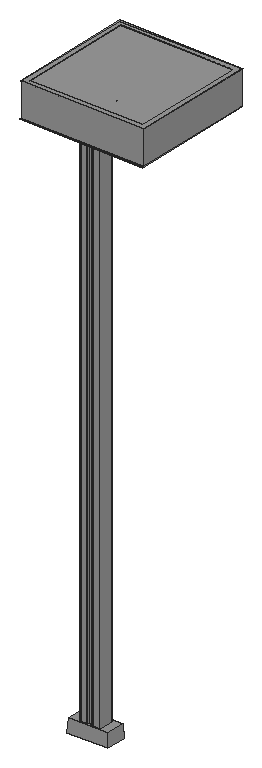
Revit family "UDエスケープBIMデータ", category 特殊部品, Revit 2018
Family settings
  ホスト = 床
  丸型コネクタ寸法 = 直径を使用
  パーツ タイプ = 標準
  常に垂直 = はい
  ロード時にボイドで切り取り = いいえ
  共有 = いいえ
  部屋計算ポイント = いいえ
Parameters (values of type "UDエスケープ　閉")
  階高 = 3500 mm
  枠高さ = ポスト高さ - 200 mm  # 3313 mm
  ポスト高さ = 階高 + 13 mm  # 3513 mm
  オンオフ5 = no
  オンオフ4 = no
  オンオフ3 = yes
  オンオフ2 = no
  オンオフ = yes
Types (3, lengths in mm): name | オンオフ5 | オンオフ4 | オンオフ3 | オンオフ2 | オンオフ
  UDエスケープ　閉 | no | no | yes | no | yes
  UDエスケープ　開 | yes | no | yes | yes | no
  UDエスケープ　降下時 | no | yes | no | yes | no
Reference planes
  plane 1 "中心(正面/背面)": y = 0
  plane 2: z = 0
  plane 3 "中心(左/右)": x = 0
  plane 4: z = 3313
  plane 5: z = 212
  plane 6: y = -93.5
  plane 7: y = 648.5
Dimensions and locks
  "枠高さ": plane 4 to plane 2
  locked: nested 4 to plane 4 at 173.677
  nested 3 to plane 4 = 210 mm
  locked: nested 4 to nested 1 at 61.6
  locked: nested 2 to nested 1 at 313.1
  locked: nested 4 to nested 1 at 321.4
  locked: nested 5 to nested 1 at 319.9
  locked: plane 5 to plane 2 at 212
  locked: nested 1 to plane 3 "中心(左/右)" at 58.5
  locked: nested 6 to nested 1 at 201.5
  locked: nested 1 to nested 7 at 689
  locked: nested 6 to nested 7 at 187.4
  locked: plane 5 to nested 7 at 113
  locked: nested 8 to nested 5 at 187.4
  locked: nested 1 to nested 5 at 608
  locked: nested 4 to nested 2 at 22.1
  locked: nested 1 to nested 3 at 616.5
  locked: nested 7 to nested 1 at 319.9
  nested 9 to plane 7 = 459.9 mm
  locked: nested 3 to nested 9 at 73.4
  locked: nested 8 to nested 1 at 243
  locked: nested 9 to nested 3 at 195.9
  aligned and locked: level to plane 2
  aligned and locked: nested 2 to plane 4
  aligned and locked: nested 5 to nested 3
  aligned and locked: nested 5 to plane 4
  aligned and locked: nested 7 to nested 6
  aligned and locked: nested 6 to plane 5
  aligned and locked: nested 8 to nested 5
  aligned and locked: nested 1 to nested 1
Nested families
  nested 1: "ポスト" at (0, 0, 0), type "ポスト"
  nested 2: "ハッチ" at (96.748, 270.1, 2893), type "ハッチ"
  nested 3: "上蓋" at (96.748, 278.6, 3521), visible <- "オンオフ", type "上蓋"
  nested 4: "上蓋開" at (1.5, -121.6, 3864.077) x (-1, 0, 0) z (0, 0, 1), visible <- "オンオフ2", type "上蓋開"
  nested 5: "下蓋" at (0, 270.1, 3313), visible <- "オンオフ3", type "下蓋"
  nested 6: "UDエスケープ本体" at (0, 188.6, 104), visible <- "オンオフ4", type "UDエスケープ本体"
  nested 7: "下蓋" at (0, 270.1, 99), visible <- "オンオフ4", type "下蓋"
  nested 8: "UDエスケープ本体" at (0, 188.6, 3318), visible <- "オンオフ5", type "UDエスケープ本体"
  nested 9: "UDエスケープ本体 - 収納時" at (-3.5, 188.6, 3313), visible <- "オンオフ", type "UDエスケープ本体 - 収納時"
Definition of nested family "ポスト"
  Parameters (values of type "ポスト")
    階高 = 3513 mm
    ポスト材 = none
    ポストカバー = none
    SUS304 = none
  Reference planes
    plane 1 "中心(正面/背面)": y = 0
    plane 2: z = 0
    plane 3 "中心(左/右)": x = 0
    plane 4: z = 3483.771
    plane 5: x = -50
    plane 6: z = 3472
    plane 7: x = -121
    plane 8: x = -109.723
    plane 9: x = -140
  Forms (mm)
    Extrusion 1, solid, material <- "ポスト材"
      sketch origin (20.905, 19.647, 0) x (1, 0, 0) y (0, 1, 0)
        loop
          line (-81.405, -64.647) -> (-36.405, -64.647)
          arc (-36.405, -64.647) -> (-34.991, -64.062) -> (-34.405, -62.647) r 2
          line (-34.405, -62.647) -> (-34.405, -54.647) -> (-7.405, -54.647) -> (-7.405, -62.647)
          arc (-7.405, -62.647) -> (-6.819, -64.062) -> (-5.405, -64.647) r 2
          line (-5.405, -64.647) -> (39.595, -64.647)
          arc (39.595, -64.647) -> (41.009, -64.062) -> (41.595, -62.647) r 2
          line (41.595, -62.647) -> (41.595, 23.353)
          arc (41.595, 23.353) -> (41.009, 24.767) -> (39.595, 25.353) r 2
          line (39.595, 25.353) -> (1.595, 25.353) -> (1.595, 21.353) -> (-7.405, 21.353) -> (-7.405, 18.353) -> (-34.405, 18.353) -> (-34.405, 21.353) -> (-43.405, 21.353) -> (-43.405, 25.353) -> (-81.405, 25.353)
          arc (-81.405, 25.353) -> (-82.819, 24.767) -> (-83.405, 23.353) r 2
          line (-83.405, 23.353) -> (-83.405, -62.647)
          arc (-83.405, -62.647) -> (-82.819, -64.062) -> (-81.405, -64.647) r 2
        loop
          line (-37.405, -60.147) -> (-37.405, -50.647) -> (-39.405, -49.147) -> (-39.405, -47.647) -> (-34.405, -47.647) -> (-34.405, -51.647) -> (-7.405, -51.647) -> (-7.405, -47.647) -> (-2.405, -47.647) -> (-2.405, -49.147) -> (-4.405, -50.647) -> (-4.405, -60.147) -> (37.595, -60.147) -> (37.595, 20.853) -> (4.595, 20.853) -> (4.595, 11.353) -> (6.595, 9.853) -> (6.595, 8.353) -> (1.595, 8.353) -> (1.595, 15.353) -> (-43.405, 15.353) -> (-43.405, 8.353) -> (-48.405, 8.353) -> (-48.405, 9.853) -> (-46.405, 11.353) -> (-46.405, 20.853) -> (-79.405, 20.853) -> (-79.405, -60.147) -> (-37.405, -60.147)
      from 0 to 3513 <- "階高"
    Blend 2, solid, material <- "ポストカバー"
      base sketch origin (20.905, 19.647, 0) x (1, 0, 0) y (0, 1, 0)
        loop
          line (104.095, -82.147) -> (104.095, 42.853) -> (-145.905, 42.853) -> (-145.905, -82.147) -> (104.095, -82.147)
      top sketch origin (20.905, 19.647, 0) x (1, 0, 0) y (0, 1, 0)
        loop
          line (99.095, -79.647) -> (99.095, 40.353) -> (-140.905, 40.353) -> (-140.905, -79.647) -> (99.095, -79.647)
      from 0 to 80
    Extrusion 3, solid, material <- "SUS304"
      sketch origin (591.108, -298.934, 3513) x (-1, 0, 0) y (0, -1, 0)
        loop
          line (691.108, -336.934) -> (691.108, -260.076)
          arc (691.108, -260.076) -> (691.869, -256.25) -> (694.037, -253.005) r 10
          line (694.037, -253.005) -> (728.179, -218.863)
          arc (728.179, -218.863) -> (730.347, -215.619) -> (731.108, -211.792) r 10
          line (731.108, -211.792) -> (731.108, -200.934) -> (451.108, -200.934) -> (451.108, -211.792)
          arc (451.108, -211.792) -> (451.869, -215.619) -> (454.037, -218.863) r 10
          line (454.037, -218.863) -> (488.179, -253.005)
          arc (488.179, -253.005) -> (490.347, -256.25) -> (491.108, -260.076) r 10
          line (491.108, -260.076) -> (491.108, -336.934)
          arc (491.108, -336.934) -> (494.037, -344.005) -> (501.108, -346.934) r 10
          line (501.108, -346.934) -> (577.108, -346.934) -> (577.108, -280.934)
          arc (577.108, -280.934) -> (579.108, -278.934) -> (581.108, -280.934) r 2
          line (581.108, -280.934) -> (581.108, -284.934) -> (591.108, -284.934) -> (601.108, -284.934) -> (601.108, -280.934)
          arc (601.108, -280.934) -> (603.108, -278.934) -> (605.108, -280.934) r 2
          line (605.108, -280.934) -> (605.108, -346.934) -> (681.108, -346.934)
          arc (681.108, -346.934) -> (688.179, -344.005) -> (691.108, -336.934) r 10
      from 0 to 3
    Extrusion 4, solid, material <- "SUS304"
      sketch origin (-682.552, 48, 2484.39) x (1, 0, 0) y (0, 0, 1)
        loop
          line (622.052, 1028.61) -> (622.052, 1002.381)
          arc (622.052, 1002.381) -> (624.981, 995.31) -> (632.052, 992.381) r 10
          line (632.052, 992.381) -> (664.552, 992.381)
          arc (664.552, 992.381) -> (666.673, 993.26) -> (667.552, 995.381) r 3
          line (667.552, 995.381) -> (667.552, 1028.61) -> (622.052, 1028.61)
      from 0 to 3
    Extrusion 5, solid, material <- "SUS304"
      sketch origin (682.552, 48, 2484.39) x (-1, 0, 0) y (0, 0, -1)
        loop
          line (622.052, -1028.61) -> (667.552, -1028.61) -> (667.552, -995.381)
          arc (667.552, -995.381) -> (666.673, -993.26) -> (664.552, -992.381) r 3
          line (664.552, -992.381) -> (632.052, -992.381)
          arc (632.052, -992.381) -> (624.981, -995.31) -> (622.052, -1002.381) r 10
          line (622.052, -1002.381) -> (622.052, -1028.61)
      from 0 to 3
    Extrusion 6, solid, material <- "SUS304"
      sketch origin (-50, 100.4, 3524.496) x (0, 0, -1) y (-1, 0, 0)
        loop
          circle (32.325, 0) r 8.4
        loop
          circle (32.325, 0) r 4.264
      from -52.4 to -49.2
    Extrusion 7, solid, material <- "SUS304"
      sketch origin (135.584, 51.2, 4840.367) x (0, 0, -1) y (-1, 0, 0)
        loop
          line (1351.943, 179.084) -> (1355.696, 185.584) -> (1351.943, 192.084) -> (1344.448, 192.084) -> (1340.696, 185.584) -> (1344.448, 179.084) -> (1351.943, 179.084)
      from 0 to 6.6
    Revolve 8, solid, material <- "SUS304"
      sketch origin (-50, -340.088, 1819.106) x (0, 1, 0) y (0, 0, -1)
        loop
          line (397.888, -1673.065) -> (397.888, -1678.935)
          arc (397.888, -1678.935) -> (402.038, -1677.216) -> (403.757, -1673.065) r 5.87
          line (403.757, -1673.065) -> (397.888, -1673.065)
        axis (403.757, -1673.065) -> (397.888, -1673.065)
      angle from 0 to 360
    Extrusion 9, solid, material <- "SUS304"
      sketch origin (50, 100.4, 3524.496) x (0, 0, -1) y (-1, 0, 0)
        loop
          circle (32.325, 0) r 8.4
        loop
          circle (32.325, 0) r 4.264
      from -52.4 to -49.2
    Extrusion 10, solid, material <- "SUS304"
      sketch origin (-135.584, 51.2, 4840.367) x (0, 0, -1) y (-1, 0, 0)
        loop
          line (1351.943, -179.084) -> (1344.448, -179.084) -> (1340.696, -185.584) -> (1344.448, -192.084) -> (1351.943, -192.084) -> (1355.696, -185.584) -> (1351.943, -179.084)
      from 0 to 6.6
    Revolve 11, solid, material <- "SUS304"
      sketch origin (50, -340.088, 1819.106) x (0, 1, 0) y (0, 0, 1)
        loop
          line (397.888, 1673.065) -> (403.757, 1673.065)
          arc (403.757, 1673.065) -> (402.038, 1677.216) -> (397.888, 1678.935) r 5.87
          line (397.888, 1678.935) -> (397.888, 1673.065)
        axis (403.757, 1673.065) -> (397.888, 1673.065)
      angle from 0 to 360
    Extrusion 12, solid, material <- "SUS304"
      sketch origin (-754.525, -93.4, 2206.848) x (1, 0, 0) y (0, 0, 1)
        loop
          circle (644.802, 1276.923) r 11
        loop
          circle (644.802, 1276.923) r 5.25
      from 0 to 1.6
    Extrusion 13, solid, material <- "SUS304"
      sketch origin (66.17, -85.4, 56.105) x (1, 0, 0) y (0, 0, 1)
        loop
          line (-180.8, 3436.166) -> (-185.708, 3427.666) -> (-180.8, 3419.166) -> (-170.985, 3419.166) -> (-166.078, 3427.666) -> (-170.985, 3436.166) -> (-180.8, 3436.166)
        loop
          circle (-175.893, 3427.666) r 5
      from 0 to 8
    Extrusion 14, solid, material <- "SUS304"
      sketch origin (754.525, -93.4, 2206.848) x (-1, 0, 0) y (0, 0, -1)
        loop
          circle (644.802, -1276.923) r 11
        loop
          circle (644.802, -1276.923) r 5.25
      from 0 to 1.6
    Extrusion 15, solid, material <- "SUS304"
      sketch origin (-66.17, -85.4, 56.105) x (-1, 0, 0) y (0, 0, -1)
        loop
          line (-180.8, -3436.166) -> (-170.985, -3436.166) -> (-166.078, -3427.666) -> (-170.985, -3419.166) -> (-180.8, -3419.166) -> (-185.708, -3427.666) -> (-180.8, -3436.166)
        loop
          circle (-175.893, -3427.666) r 5
      from 0 to 8
    Extrusion 16, solid
      sketch origin (-644.802, -95, 2187.045) x (1, 0, 0) y (0, 0, 1)
        loop
          arc (504.802, 1285.955) -> (506.267, 1282.419) -> (509.802, 1280.955) r 5
          line (509.802, 1280.955) -> (779.802, 1280.955)
          arc (779.802, 1280.955) -> (783.338, 1282.419) -> (784.802, 1285.955) r 5
          line (784.802, 1285.955) -> (784.802, 1325.955) -> (504.802, 1325.955) -> (504.802, 1285.955)
      from 0 to 3
  Dimensions and locks
    locked: Extrusion 3 to Extrusion 1 at 3
    locked: Extrusion 3 to Extrusion 3 at 3
    locked: Extrusion 5 to Extrusion 3 at 39.229
    locked: Extrusion 5 to Extrusion 3 at 36.229
    locked: Extrusion 4 to Extrusion 3 at 39.229
    locked: Extrusion 4 to Extrusion 3 at 36.229
    aligned and locked: level to plane 2
Definition of nested family "ハッチ"
  Reference planes
    plane 1 "中心(正面/背面)": y = 0
    plane 2: z = 420
    plane 3 "中心(左/右)": x = 0
  Dimensions and locks
    aligned and locked: level to plane 2
  Nested families
    nested 1: "枠" at (-190.096, -23.853, 0), type "枠"
  Definition of nested family "枠"
    Parameters (values of type "枠")
      SUS304 = none
    Reference planes
      plane 1 "中心(正面/背面)": y = 0
      plane 2: z = 0
      plane 3 "中心(左/右)": x = 0
    Forms (mm)
      Extrusion 1, solid, material <- "SUS304"
        sketch origin (0, 0, 0) x (1, 0, 0) y (0, 1, 0)
          loop
            line (471.748, 402.253) -> (-278.252, 402.253) -> (-278.252, -347.747) -> (471.748, -347.747) -> (471.748, 402.253)
          loop
            line (446.748, 377.253) -> (-253.252, 377.253) -> (-253.252, -322.747) -> (446.748, -322.747) -> (446.748, 377.253)
        from 0 to 210
    Dimensions and locks
      aligned and locked: level to plane 2
Definition of nested family "上蓋"
  Parameters (values of type "上蓋")
    Default Elevation = 1219.2 mm
    SUS = none
  Reference planes
    plane 1 "中心(正面/背面)": y = 0
    plane 2: z = 0
    plane 3 "中心(左/右)": x = 0
  Forms (mm)
    Extrusion 1, solid
      sketch origin (0, 0, 0) x (1, 0, 0) y (0, 1, 0)
        loop
          line (-475.148, 378.4) -> (-475.148, -378.4) -> (281.652, -378.4) -> (281.652, 378.4) -> (-475.148, 378.4)
      from 0 to 2
  Dimensions and locks
    aligned and locked: level to plane 2
Definition of nested family "上蓋開"
  Parameters (values of type "上蓋開")
    Default Elevation = 1219.2 mm
    SUS304 = none
  Reference planes
    plane 1 "中心(正面/背面)": y = 0
    plane 2: z = 0
    plane 3 "中心(左/右)": x = 0
    plane 4: x = 246.152
    plane 5: x = -439.648
    plane 6: z = -255.5
    plane 7: z = -210.5
    plane 8: y = -20.1
  Forms (mm)
    Extrusion 1, solid, material <- "SUS304"
      sketch origin (96.748, 0, 1) x (1, 0, 0) y (0, 0, -1)
        loop
          line (-475.148, 378.4) -> (-475.148, -378.4) -> (281.652, -378.4) -> (281.652, 378.4) -> (-475.148, 378.4)
      from 0 to 2
    Extrusion 2, solid, material <- "SUS304"
      sketch origin (341.4, 389.828, -679.975) x (0, 1, 0) y (0, 0, 1)
        loop
          line (-401.331, 513.067) -> (-418.401, 495.997)
          arc (-418.401, 495.997) -> (-419.53, 494.354) -> (-419.928, 492.4) r 5
          line (-419.928, 492.4) -> (-419.928, 446.55)
          arc (-419.928, 446.55) -> (-419.53, 444.597) -> (-418.401, 442.954) r 5
          line (-418.401, 442.954) -> (-401.585, 426.138)
          arc (-401.585, 426.138) -> (-399.9, 424.906) -> (-397.858, 424.47) r 5
          line (-397.858, 424.47) -> (-391.328, 424.47) -> (-391.328, 514.47) -> (-397.858, 514.47)
          arc (-397.858, 514.47) -> (-399.731, 514.106) -> (-401.331, 513.067) r 5
      from 0 to 1.5
    Extrusion 3, solid, material <- "SUS304"
      sketch origin (17.424, 0, -1128.958) x (1, 0, 0) y (0, 0, 1)
        loop
          line (325.476, 873.458) -> (325.476, 963.458) -> (309.976, 963.458)
          arc (309.976, 963.458) -> (307.855, 962.579) -> (306.976, 960.458) r 3
          line (306.976, 960.458) -> (306.976, 876.458)
          arc (306.976, 876.458) -> (307.855, 874.336) -> (309.976, 873.458) r 3
          line (309.976, 873.458) -> (325.476, 873.458)
      from 0 to 1.5
    Extrusion 4, void
      sketch origin (0, 0, 0) x (0, 1, 0) y (0, 0, 1)
        loop
          circle (-20.1, -210.5) r 5
      from 342.9 to 341.4
    Extrusion 5, solid, material <- "SUS304"
      sketch origin (342.9, 629.857, -748.641) x (0, 1, 0) y (0, 0, 1)
        loop
          line (-632.496, 540.405) -> (-652.727, 553.32) -> (-682.444, 506.801) -> (-751.599, 398.565) -> (-731.394, 385.62) -> (-632.496, 540.405)
        loop
          circle (-648.207, 538.141) r 3.25
      from 0 to 1.5
    Revolve 6, solid
      sketch origin (19, -20.1, -895.64) x (1, 0, 0) y (0, 0, 1)
        loop
          line (331.026, 685.14) -> (331.026, 688.09)
          arc (331.026, 688.09) -> (329.71, 690.545) -> (327.426, 692.14) r 6
          line (327.426, 692.14) -> (326.426, 692.14) -> (326.426, 689.14) -> (315.8, 689.14) -> (315.8, 685.14) -> (331.026, 685.14)
        axis (315.8, 685.14) -> (331.026, 685.14)
      angle from 0 to 360
    Extrusion 7, solid
      sketch origin (334.8, 671.948, -679.97) x (0, 1, 0) y (0, 0, 1)
        loop
          line (-692.048, 476.976) -> (-698.548, 473.223) -> (-698.548, 465.718) -> (-692.048, 461.965) -> (-685.548, 465.718) -> (-685.548, 473.223) -> (-692.048, 476.976)
        loop
          circle (-692.048, 469.47) r 4
      from 0 to 8.1
    Extrusion 8, solid, material <- "SUS304"
      sketch origin (-341.4, 389.828, -679.975) x (0, 1, 0) y (0, 0, -1)
        loop
          arc (-401.331, -513.067) -> (-399.731, -514.106) -> (-397.858, -514.47) r 5
          line (-397.858, -514.47) -> (-391.328, -514.47) -> (-391.328, -424.47) -> (-397.858, -424.47)
          arc (-397.858, -424.47) -> (-399.9, -424.906) -> (-401.585, -426.138) r 5
          line (-401.585, -426.138) -> (-418.401, -442.954)
          arc (-418.401, -442.954) -> (-419.53, -444.597) -> (-419.928, -446.55) r 5
          line (-419.928, -446.55) -> (-419.928, -492.4)
          arc (-419.928, -492.4) -> (-419.53, -494.354) -> (-418.401, -495.997) r 5
          line (-418.401, -495.997) -> (-401.331, -513.067)
      from 0 to 1.5
    Extrusion 9, solid, material <- "SUS304"
      sketch origin (-17.424, 0, -1128.958) x (-1, 0, 0) y (0, 0, -1)
        loop
          line (325.476, -873.458) -> (309.976, -873.458)
          arc (309.976, -873.458) -> (307.855, -874.336) -> (306.976, -876.458) r 3
          line (306.976, -876.458) -> (306.976, -960.458)
          arc (306.976, -960.458) -> (307.855, -962.579) -> (309.976, -963.458) r 3
          line (309.976, -963.458) -> (325.476, -963.458) -> (325.476, -873.458)
      from 0 to 1.5
    Extrusion 10, void
      sketch origin (0, 0, 0) x (0, 1, 0) y (0, 0, -1)
        loop
          circle (-20.1, 210.5) r 5
      from 342.9 to 341.4
    Extrusion 11, solid, material <- "SUS304"
      sketch origin (-342.9, 629.857, -748.641) x (0, 1, 0) y (0, 0, -1)
        loop
          line (-632.496, -540.405) -> (-731.394, -385.62) -> (-751.599, -398.565) -> (-682.444, -506.801) -> (-652.727, -553.32) -> (-632.496, -540.405)
        loop
          circle (-648.207, -538.141) r 3.25
      from 0 to 1.5
    Revolve 12, solid
      sketch origin (-19, -20.1, -895.64) x (-1, 0, 0) y (0, 0, -1)
        loop
          line (331.026, -685.14) -> (315.8, -685.14) -> (315.8, -689.14) -> (326.426, -689.14) -> (326.426, -692.14) -> (327.426, -692.14)
          arc (327.426, -692.14) -> (329.71, -690.545) -> (331.026, -688.09) r 6
          line (331.026, -688.09) -> (331.026, -685.14)
        axis (315.8, -685.14) -> (331.026, -685.14)
      angle from 0 to 360
    Extrusion 13, solid
      sketch origin (-334.8, 671.948, -679.97) x (0, 1, 0) y (0, 0, -1)
        loop
          line (-692.048, -476.976) -> (-685.548, -473.223) -> (-685.548, -465.718) -> (-692.048, -461.965) -> (-698.548, -465.718) -> (-698.548, -473.223) -> (-692.048, -476.976)
        loop
          circle (-692.048, -469.47) r 4
      from 0 to 8.1
    Extrusion 14, solid
      sketch origin (0, 0, 0) x (1, 0, 0) y (0, 0, 1)
        loop
          line (-378.4, 379.4) -> (-378.4, -377.4) -> (-376.4, -377.4) -> (-376.4, 379.4) -> (-378.4, 379.4)
      from 0 to 15.5
    Extrusion 15, solid
      sketch origin (0, 0, 0) x (-1, 0, 0) y (0, 0, -1)
        loop
          line (-378.4, -379.4) -> (-376.4, -379.4) -> (-376.4, 377.4) -> (-378.4, 377.4) -> (-378.4, -379.4)
      from 0 to 15.5
    Extrusion 16, solid
      sketch origin (0, 0, 0) x (1, 0, 0) y (0, 0, 1)
        loop
          line (-376.4, 379.4) -> (-376.4, 377.4) -> (376.4, 377.4) -> (376.4, 379.4) -> (-376.4, 379.4)
      from 0 to 15.5
  Cuts and joins
    Extrusion 4, Extrusion 10 cuts Extrusion 2
    Extrusion 10 cuts Extrusion 5
    Extrusion 10 cuts Revolve 6
    Extrusion 10 cuts Extrusion 7
    Extrusion 10 cuts Extrusion 8
    Extrusion 10 cuts Extrusion 11
    Extrusion 10 cuts Revolve 12
    Extrusion 10 cuts Extrusion 13
  Dimensions and locks
    aligned and locked: level to plane 2
Definition of nested family "下蓋"
  Parameters (values of type "下蓋")
    SUS304 = none
  Reference planes
    plane 1 "中心(正面/背面)": y = 0
    plane 2: z = 0
    plane 3 "中心(左/右)": x = 0
  Forms (mm)
    Extrusion 1, solid, material <- "SUS304"
      sketch origin (96.748, 0, 0) x (1, 0, 0) y (0, 1, 0)
        loop
          line (-475.148, 378.4) -> (-475.148, -378.4) -> (281.652, -378.4) -> (281.652, 378.4) -> (-475.148, 378.4)
        loop
          arc (-161.248, -213.4) -> (-163.369, -214.279) -> (-164.248, -216.4) r 3
          line (-164.248, -216.4) -> (-164.248, -310.4)
          arc (-164.248, -310.4) -> (-163.369, -312.521) -> (-161.248, -313.4) r 3
          line (-161.248, -313.4) -> (-32.248, -313.4)
          arc (-32.248, -313.4) -> (-30.126, -312.521) -> (-29.248, -310.4) r 3
          line (-29.248, -310.4) -> (-29.248, -216.4)
          arc (-29.248, -216.4) -> (-30.126, -214.279) -> (-32.248, -213.4) r 3
          line (-32.248, -213.4) -> (-161.248, -213.4)
      from 0 to 5
    Extrusion 2, void
      sketch origin (206.805, 6.025, 0) x (1, 0, 0) y (0, 1, 0)
        loop
          line (-256.805, 297.975) -> (-256.805, 257.975) -> (-156.805, 257.975) -> (-156.805, 297.975) -> (-256.805, 297.975)
      from 0 to 5
  Cuts and joins
    Extrusion 2 cuts Extrusion 1
  Dimensions and locks
    aligned and locked: level to plane 2
Definition of nested family "UDエスケープ本体"
  Parameters (values of type "UDエスケープ本体")
    樹脂　白 = none
    ゴム（黒） = none
    アルミ = none
    SUS304 = none
  Reference planes
    plane 1 "中心(正面/背面)": y = 0
    plane 2: z = 0
    plane 3 "中心(左/右)": x = 0
    plane 4: z = 95
    plane 5: z = 20
    plane 6: x = -134.2
    plane 7: x = -228.8
    plane 8: z = 23
    plane 9: x = -286.5
    plane 10: y = -140
    plane 11: z = 51.438
    plane 12: z = 37.338
    plane 13: x = -267.5
    plane 14: y = 16.286
    plane 15: x = -260.5
    plane 16: y = 154.661
    plane 17: z = 801.1
    plane 18: z = 246
    plane 19: z = 108
    plane 20: x = 248.1
    plane 21: z = 201.4
    plane 22: z = 261.1
    plane 23: z = 114
    plane 24: y = 198.224
    plane 25: z = 781.1
    plane 26: y = -236
    plane 27: y = -272.5
  Forms (mm)
    Extrusion 1, solid, material <- "SUS304"
      sketch origin (101.748, 0, 0) x (1, 0, 0) y (0, 1, 0)
        loop
          line (-361.748, -272.5) -> (162.252, -272.5) -> (162.252, 272.5) -> (-361.748, 272.5) -> (-361.748, -272.5)
      from 0 to 105
    Extrusion 2, solid, material <- "SUS304"
      sketch origin (-1500.139, 512.717, 105) x (1, 0, 0) y (0, 1, 0)
        loop
          line (1240.139, -769.717) -> (1760.139, -769.717) -> (1760.139, -255.717) -> (1240.139, -255.717) -> (1240.139, -769.717)
      from 0 to 3
    Extrusion 3, solid, material <- "SUS304"
      sketch origin (-303, 505.103, -361.609) x (0, 1, 0) y (0, 0, 1)
        loop
          line (-774.298, 437.647) -> (-774.298, 363.647) -> (-645.179, 363.647)
          arc (-645.179, 363.647) -> (-637.679, 365.656) -> (-632.188, 371.147) r 15
          line (-632.188, 371.147) -> (-615.157, 400.647)
          arc (-615.157, 400.647) -> (-615.157, 440.647) -> (-649.798, 460.647) r 40
          line (-649.798, 460.647) -> (-686.952, 460.647)
          arc (-686.952, 460.647) -> (-691.253, 460.337) -> (-695.465, 459.413) r 30
          line (-695.465, 459.413) -> (-755.498, 441.647) -> (-770.298, 441.647)
          arc (-770.298, 441.647) -> (-773.126, 440.475) -> (-774.298, 437.647) r 4
        loop
          circle (-740.998, 413.047) r 3
        loop
          circle (-648.603, 384.609) r 3
        loop
          circle (-632.798, 398.947) r 3
      from 0 to 1.5
    Extrusion 4, solid, material <- "SUS304"
      sketch origin (-306.5, 548.548, -389.147) x (0, 1, 0) y (0, 0, 1)
        loop
          line (-689.738, 416.147) -> (-694.357, 416.147) -> (-696.666, 412.147) -> (-694.357, 408.147) -> (-689.738, 408.147) -> (-687.429, 412.147) -> (-689.738, 416.147)
      from 0 to 3.5
    Extrusion 5, solid, material <- "SUS304"
      sketch origin (-306.5, 564.353, -374.809) x (0, 1, 0) y (0, 0, 1)
        loop
          line (-689.738, 416.147) -> (-694.357, 416.147) -> (-696.666, 412.147) -> (-694.357, 408.147) -> (-689.738, 408.147) -> (-687.429, 412.147) -> (-689.738, 416.147)
      from 0 to 3.5
    Extrusion 6, solid, material <- "SUS304"
      sketch origin (-306.5, 456.153, -360.709) x (0, 1, 0) y (0, 0, 1)
        loop
          line (-689.738, 416.147) -> (-694.357, 416.147) -> (-696.666, 412.147) -> (-694.357, 408.147) -> (-689.738, 408.147) -> (-687.429, 412.147) -> (-689.738, 416.147)
      from 0 to 3.5
    Extrusion 7, solid, material <- "SUS304"
      sketch origin (303, 505.103, -361.609) x (0, 1, 0) y (0, 0, -1)
        loop
          arc (-774.298, -437.647) -> (-773.126, -440.475) -> (-770.298, -441.647) r 4
          line (-770.298, -441.647) -> (-755.498, -441.647) -> (-695.465, -459.413)
          arc (-695.465, -459.413) -> (-691.253, -460.337) -> (-686.952, -460.647) r 30
          line (-686.952, -460.647) -> (-649.798, -460.647)
          arc (-649.798, -460.647) -> (-615.157, -440.647) -> (-615.157, -400.647) r 40
          line (-615.157, -400.647) -> (-632.188, -371.147)
          arc (-632.188, -371.147) -> (-637.679, -365.656) -> (-645.179, -363.647) r 15
          line (-645.179, -363.647) -> (-774.298, -363.647) -> (-774.298, -437.647)
        loop
          circle (-740.998, -413.047) r 3
        loop
          circle (-648.603, -384.609) r 3
        loop
          circle (-632.798, -398.947) r 3
      from 0 to 1.5
    Extrusion 8, solid, material <- "SUS304"
      sketch origin (306.5, 548.548, -389.147) x (0, 1, 0) y (0, 0, -1)
        loop
          line (-689.738, -416.147) -> (-687.429, -412.147) -> (-689.738, -408.147) -> (-694.357, -408.147) -> (-696.666, -412.147) -> (-694.357, -416.147) -> (-689.738, -416.147)
      from 0 to 3.5
    Extrusion 9, solid, material <- "SUS304"
      sketch origin (306.5, 564.353, -374.809) x (0, 1, 0) y (0, 0, -1)
        loop
          line (-689.738, -416.147) -> (-687.429, -412.147) -> (-689.738, -408.147) -> (-694.357, -408.147) -> (-696.666, -412.147) -> (-694.357, -416.147) -> (-689.738, -416.147)
      from 0 to 3.5
    Extrusion 10, solid, material <- "SUS304"
      sketch origin (306.5, 456.153, -360.709) x (0, 1, 0) y (0, 0, -1)
        loop
          line (-689.738, -416.147) -> (-687.429, -412.147) -> (-689.738, -408.147) -> (-694.357, -408.147) -> (-696.666, -412.147) -> (-694.357, -416.147) -> (-689.738, -416.147)
      from 0 to 3.5
    Sweep 11, solid, material <- "アルミ"
      path origin (0, 230.968, 7.378) x (0, 1, 0) y (0, 0, -1)
        loop
          line (-408.798, 0) -> (31.202, -762.102)
      profile origin (0, 42.17, 388.43) x (0, 0.866025, -0.5) y (-1, 0, 0)
        loop
          line (14.757, -263.5) -> (-22.482, -263.5) -> (-22.482, -301.5) -> (14.757, -301.5) -> (14.757, -263.5)
    Sweep 12, solid, material <- "アルミ"
      path origin (1840.45, 255.4, 371.275) x (1, 0, 0) y (0, 0.956305, -0.292372)
        loop
          line (-2122.95, -101.389) -> (-2122.95, -292.389)
          arc (-2122.95, -292.389) -> (-2093.66, -363.1) -> (-2022.95, -392.389) r 100
          line (-2022.95, -392.389) -> (-1840.6, -392.389) -> (-1658.25, -392.389)
          arc (-1658.25, -392.389) -> (-1587.539, -363.1) -> (-1558.25, -292.389) r 100
          line (-1558.25, -292.389) -> (-1558.25, -101.389)
      profile origin (-282.5, 67.114, 428.84) x (1, 0, 0) y (0, 0.292372, 0.956305)
        loop
          circle (0, 381.553) r 16
    Extrusion 13, solid, material <- "SUS304"
      sketch origin (127.983, -40, -483.258) x (1, 0, 0) y (0, 0, 1)
        loop
          line (-206.183, 660.258) -> (-206.183, 632.258) -> (-203.683, 632.258) -> (-203.683, 657.758) -> (-52.283, 657.758) -> (-52.283, 632.258) -> (-49.783, 632.258) -> (-49.783, 660.258) -> (-206.183, 660.258)
      from 6 to 82
    Extrusion 14, solid, material <- "SUS304"
      sketch origin (-6.217, -40, 0) x (1, 0, 0) y (0, 0, 1)
        loop
          line (-71.983, 177) -> (-71.983, 152) -> (84.417, 152) -> (84.417, 177) -> (-71.983, 177)
      from 6 to 8.5
    Extrusion 15, solid, material <- "アルミ"
      sketch origin (-312.5, 405.887, 4.892) x (0, 1, 0) y (0, 0, 1)
        loop
          line (-472.873, 285.038) -> (-485.373, 263.387) -> (-468.052, 253.387) -> (-455.552, 275.038) -> (-472.873, 285.038)
      from 9.5 to 614
    Extrusion 16, solid, material <- "アルミ"
      sketch origin (-307.5, 661.854, -841.099) x (0, 1, 0) y (0, 0, 1)
        loop
          line (-731.069, 1088.349) -> (-728.904, 1087.099) -> (-702.904, 1132.133) -> (-705.069, 1133.383) -> (-731.069, 1088.349)
      from 6 to 610.5
    Extrusion 17, void
      sketch origin (0, -14, 0) x (1, 0, 0) y (0, 1, 0)
        loop
          line (-60, -222) -> (60, -222) -> (60, -127.191) -> (-60, -127.191) -> (-60, -222)
      from 0 to 193.303
    Extrusion 18, solid, material <- "SUS304"
      sketch origin (-30.3, 545.886, -960.241) x (0, 1, 0) y (0, 0, 1)
        loop
          line (-752.86, 1152.241) -> (-804.386, 1152.241) -> (-804.386, 1068.241) -> (-629.586, 1068.241) -> (-629.586, 1083.241) -> (-633.386, 1083.241)
          arc (-633.386, 1083.241) -> (-634.093, 1083.534) -> (-634.386, 1084.241) r 1
          line (-634.386, 1084.241) -> (-634.386, 1105.619)
          arc (-634.386, 1105.619) -> (-635.29, 1108.487) -> (-637.676, 1110.318) r 5
          line (-637.676, 1110.318) -> (-752.86, 1152.241)
      from 108.5 to 113.5
    Extrusion 19, solid, material <- "SUS304"
      sketch origin (30.3, 545.886, -960.241) x (0, 1, 0) y (0, 0, -1)
        loop
          line (-752.86, -1152.241) -> (-637.676, -1110.318)
          arc (-637.676, -1110.318) -> (-635.29, -1108.487) -> (-634.386, -1105.619) r 5
          line (-634.386, -1105.619) -> (-634.386, -1084.241)
          arc (-634.386, -1084.241) -> (-634.093, -1083.534) -> (-633.386, -1083.241) r 1
          line (-633.386, -1083.241) -> (-629.586, -1083.241) -> (-629.586, -1068.241) -> (-804.386, -1068.241) -> (-804.386, -1152.241) -> (-752.86, -1152.241)
      from 108.5 to 113.5
    Extrusion 20, solid, material <- "SUS304"
      sketch origin (0, 0, 0) x (1, 0, 0) y (0, 1, 0)
        loop
          line (-78.2, -258.5) -> (78.2, -258.5) -> (78.2, -253.5) -> (-78.2, -253.5) -> (-78.2, -258.5)
      from 108.5 to 192.8
    Sweep 21, solid, material <- "アルミ"
      path origin (0, 230.968, 7.378) x (0, 1, 0) y (0, 0, 1)
        loop
          line (-408.798, 0) -> (31.202, 762.102)
      profile origin (0, 42.17, 388.43) x (0, -0.866025, 0.5) y (1, 0, 0)
        loop
          line (-14.757, -263.5) -> (-14.757, -301.5) -> (22.482, -301.5) -> (22.482, -263.5) -> (-14.757, -263.5)
  Cuts and joins
    Extrusion 17 cuts Extrusion 1
    Extrusion 17 cuts Extrusion 2
  Dimensions and locks
    aligned and locked: level to plane 2
Definition of nested family "UDエスケープ本体 - 収納時"
  Parameters (values of type "UDエスケープ本体 - 収納時")
    樹脂　白 = none
    ゴム（黒） = none
    アルミ = none
    SUS304 = none
  Reference planes
    plane 1 "中心(正面/背面)": y = 0
    plane 2: z = 0
    plane 3 "中心(左/右)": x = 0
    plane 4: z = 95
    plane 5: z = 20
    plane 6: x = -134.2
    plane 7: x = -228.8
    plane 8: z = 23
    plane 9: x = -286.5
    plane 10: y = -140
    plane 11: z = 51.438
    plane 12: z = 37.338
    plane 13: x = -267.5
    plane 14: y = 16.286
    plane 15: x = -260.5
    plane 16: z = 801.1
    plane 17: z = 246
    plane 18: z = 108
    plane 19: x = 248.1
    plane 20: z = 171.157
    plane 21: z = 261.1
    plane 22: z = 114
    plane 23: y = -236
    plane 24: y = -272.5
  Forms (mm)
    Extrusion 1, solid, material <- "SUS304"
      sketch origin (101.748, 0, 0) x (1, 0, 0) y (0, 1, 0)
        loop
          line (-361.748, -272.5) -> (162.252, -272.5) -> (162.252, 272.5) -> (-361.748, 272.5) -> (-361.748, -272.5)
      from 0 to 105
    Extrusion 2, solid, material <- "SUS304"
      sketch origin (-1500.139, 512.717, 105) x (1, 0, 0) y (0, 1, 0)
        loop
          line (1240.139, -769.717) -> (1760.139, -769.717) -> (1760.139, -255.717) -> (1240.139, -255.717) -> (1240.139, -769.717)
      from 0 to 3
    Extrusion 3, solid, material <- "SUS304"
      sketch origin (-303, 505.103, -361.609) x (0, 1, 0) y (0, 0, 1)
        loop
          line (-774.298, 437.647) -> (-774.298, 363.647) -> (-645.179, 363.647)
          arc (-645.179, 363.647) -> (-637.679, 365.656) -> (-632.188, 371.147) r 15
          line (-632.188, 371.147) -> (-615.157, 400.647)
          arc (-615.157, 400.647) -> (-615.157, 440.647) -> (-649.798, 460.647) r 40
          line (-649.798, 460.647) -> (-686.952, 460.647)
          arc (-686.952, 460.647) -> (-691.253, 460.337) -> (-695.465, 459.413) r 30
          line (-695.465, 459.413) -> (-755.498, 441.647) -> (-770.298, 441.647)
          arc (-770.298, 441.647) -> (-773.126, 440.475) -> (-774.298, 437.647) r 4
        loop
          circle (-740.998, 413.047) r 3
        loop
          circle (-648.603, 384.609) r 3
        loop
          circle (-632.798, 398.947) r 3
      from 0 to 1.5
    Extrusion 4, solid, material <- "SUS304"
      sketch origin (-306.5, 548.548, -389.147) x (0, 1, 0) y (0, 0, 1)
        loop
          line (-689.738, 416.147) -> (-694.357, 416.147) -> (-696.666, 412.147) -> (-694.357, 408.147) -> (-689.738, 408.147) -> (-687.429, 412.147) -> (-689.738, 416.147)
      from 0 to 3.5
    Extrusion 5, solid, material <- "SUS304"
      sketch origin (-306.5, 564.353, -374.809) x (0, 1, 0) y (0, 0, 1)
        loop
          line (-689.738, 416.147) -> (-694.357, 416.147) -> (-696.666, 412.147) -> (-694.357, 408.147) -> (-689.738, 408.147) -> (-687.429, 412.147) -> (-689.738, 416.147)
      from 0 to 3.5
    Extrusion 6, solid, material <- "SUS304"
      sketch origin (-306.5, 456.153, -360.709) x (0, 1, 0) y (0, 0, 1)
        loop
          line (-689.738, 416.147) -> (-694.357, 416.147) -> (-696.666, 412.147) -> (-694.357, 408.147) -> (-689.738, 408.147) -> (-687.429, 412.147) -> (-689.738, 416.147)
      from 0 to 3.5
    Sweep 7, solid, material <- "アルミ"
      path origin (0, 230.968, -22.865) x (0, 1, 0) y (0, 0, 1)
        loop
          line (-473.468, 145.622) -> (66.532, 145.622)
      profile origin (0, 27.5, 122.757) x (0, 0, 1) y (1, 0, 0)
        loop
          line (-14.757, -263.5) -> (-14.757, -301.5) -> (22.482, -301.5) -> (22.482, -263.5) -> (-14.757, -263.5)
    Extrusion 8, solid, material <- "SUS304"
      sketch origin (303, 505.103, -361.609) x (0, 1, 0) y (0, 0, -1)
        loop
          arc (-774.298, -437.647) -> (-773.126, -440.475) -> (-770.298, -441.647) r 4
          line (-770.298, -441.647) -> (-755.498, -441.647) -> (-695.465, -459.413)
          arc (-695.465, -459.413) -> (-691.253, -460.337) -> (-686.952, -460.647) r 30
          line (-686.952, -460.647) -> (-649.798, -460.647)
          arc (-649.798, -460.647) -> (-615.157, -440.647) -> (-615.157, -400.647) r 40
          line (-615.157, -400.647) -> (-632.188, -371.147)
          arc (-632.188, -371.147) -> (-637.679, -365.656) -> (-645.179, -363.647) r 15
          line (-645.179, -363.647) -> (-774.298, -363.647) -> (-774.298, -437.647)
        loop
          circle (-740.998, -413.047) r 3
        loop
          circle (-648.603, -384.609) r 3
        loop
          circle (-632.798, -398.947) r 3
      from 0 to 1.5
    Extrusion 9, solid, material <- "SUS304"
      sketch origin (306.5, 548.548, -389.147) x (0, 1, 0) y (0, 0, -1)
        loop
          line (-689.738, -416.147) -> (-687.429, -412.147) -> (-689.738, -408.147) -> (-694.357, -408.147) -> (-696.666, -412.147) -> (-694.357, -416.147) -> (-689.738, -416.147)
      from 0 to 3.5
    Extrusion 10, solid, material <- "SUS304"
      sketch origin (306.5, 564.353, -374.809) x (0, 1, 0) y (0, 0, -1)
        loop
          line (-689.738, -416.147) -> (-687.429, -412.147) -> (-689.738, -408.147) -> (-694.357, -408.147) -> (-696.666, -412.147) -> (-694.357, -416.147) -> (-689.738, -416.147)
      from 0 to 3.5
    Extrusion 11, solid, material <- "SUS304"
      sketch origin (306.5, 456.153, -360.709) x (0, 1, 0) y (0, 0, -1)
        loop
          line (-689.738, -416.147) -> (-687.429, -412.147) -> (-689.738, -408.147) -> (-694.357, -408.147) -> (-696.666, -412.147) -> (-694.357, -416.147) -> (-689.738, -416.147)
      from 0 to 3.5
    Sweep 12, solid, material <- "アルミ"
      path origin (0, 167.324, -22.865) x (0, 1, 0) y (0, 0, -1)
        loop
          line (-409.824, -145.622) -> (130.176, -145.622)
      profile origin (0, 27.5, 122.757) x (0, 0, -1) y (-1, 0, 0)
        loop
          line (14.757, -263.5) -> (-22.482, -263.5) -> (-22.482, -301.5) -> (14.757, -301.5) -> (14.757, -263.5)
    Sweep 13, solid, material <- "アルミ"
      path origin (1840.574, 394.914, -218.892) x (1, 0, 0) y (0, 0.999946, -0.010411)
        loop
          line (-2122.95, -101.389) -> (-2122.95, -292.389)
          arc (-2122.95, -292.389) -> (-2093.66, -363.1) -> (-2022.95, -392.389) r 100
          line (-2022.95, -392.389) -> (-1840.6, -392.389) -> (-1658.25, -392.389)
          arc (-1658.25, -392.389) -> (-1587.539, -363.1) -> (-1558.25, -292.389) r 100
          line (-1558.25, -292.389) -> (-1558.25, -101.389)
      profile origin (-282.375, 198.036, -216.842) x (1, 0, 0) y (0, 0.010411, 0.999946)
        loop
          circle (0, 381.553) r 16
    Extrusion 14, solid, material <- "SUS304"
      sketch origin (127.983, -40, -513.501) x (1, 0, 0) y (0, 0, 1)
        loop
          line (-206.183, 660.258) -> (-206.183, 632.258) -> (-203.683, 632.258) -> (-203.683, 657.758) -> (-52.283, 657.758) -> (-52.283, 632.258) -> (-49.783, 632.258) -> (-49.783, 660.258) -> (-206.183, 660.258)
      from 6 to 82
    Extrusion 15, solid, material <- "SUS304"
      sketch origin (-6.217, -40, -30.243) x (1, 0, 0) y (0, 0, 1)
        loop
          line (-71.983, 177) -> (-71.983, 152) -> (84.417, 152) -> (84.417, 177) -> (-71.983, 177)
      from 6 to 8.5
    Extrusion 16, void
      sketch origin (0, -14, 0) x (1, 0, 0) y (0, 1, 0)
        loop
          line (-60, -222) -> (60, -222) -> (60, -127.191) -> (-60, -127.191) -> (-60, -222)
      from 0 to 193.303
    Extrusion 17, solid, material <- "SUS304"
      sketch origin (-30.3, 545.886, -960.241) x (0, 1, 0) y (0, 0, 1)
        loop
          line (-752.86, 1152.241) -> (-804.386, 1152.241) -> (-804.386, 1068.241) -> (-629.586, 1068.241) -> (-629.586, 1083.241) -> (-633.386, 1083.241)
          arc (-633.386, 1083.241) -> (-634.093, 1083.534) -> (-634.386, 1084.241) r 1
          line (-634.386, 1084.241) -> (-634.386, 1105.619)
          arc (-634.386, 1105.619) -> (-635.29, 1108.487) -> (-637.676, 1110.318) r 5
          line (-637.676, 1110.318) -> (-752.86, 1152.241)
      from 108.5 to 113.5
    Extrusion 18, solid, material <- "SUS304"
      sketch origin (30.3, 545.886, -960.241) x (0, 1, 0) y (0, 0, -1)
        loop
          line (-752.86, -1152.241) -> (-637.676, -1110.318)
          arc (-637.676, -1110.318) -> (-635.29, -1108.487) -> (-634.386, -1105.619) r 5
          line (-634.386, -1105.619) -> (-634.386, -1084.241)
          arc (-634.386, -1084.241) -> (-634.093, -1083.534) -> (-633.386, -1083.241) r 1
          line (-633.386, -1083.241) -> (-629.586, -1083.241) -> (-629.586, -1068.241) -> (-804.386, -1068.241) -> (-804.386, -1152.241) -> (-752.86, -1152.241)
      from 108.5 to 113.5
    Extrusion 19, solid, material <- "SUS304"
      sketch origin (0, 0, 0) x (1, 0, 0) y (0, 1, 0)
        loop
          line (-78.2, -258.5) -> (78.2, -258.5) -> (78.2, -253.5) -> (-78.2, -253.5) -> (-78.2, -258.5)
      from 108.5 to 192.8
    Extrusion 20, solid, material <- "SUS304"
      sketch origin (0, 0, -39.314) x (0, 1, 0) y (0, 0, 1)
        loop
          line (-111.277, 186.571) -> (-59.277, 186.571) -> (-59.277, 189.071) -> (-111.277, 189.071) -> (-111.277, 186.571)
      from -301.5 to 301.5
    Extrusion 21, solid
      sketch origin (0, 130.72, 254.57) x (0, 0, 1) y (0, -1, 0)
        loop
          line (-100.813, 205.72) -> (-80.813, 205.72) -> (-80.813, 230.72) -> (-100.813, 230.72) -> (-100.813, 205.72)
      from -286.5 to 284.606
  Cuts and joins
    Extrusion 16 cuts Extrusion 1
    Extrusion 16 cuts Extrusion 2
  Dimensions and locks
    aligned and locked: level to plane 2
